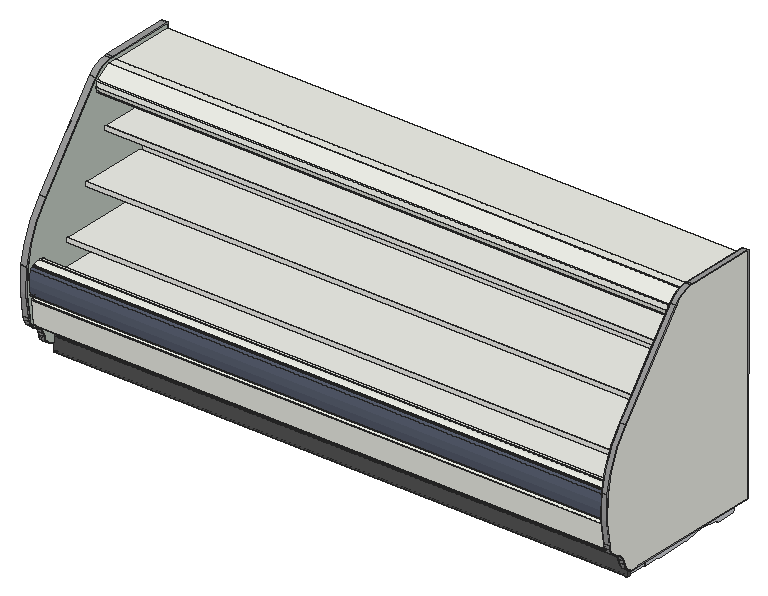
Revit family "IC2XSM_2014", category Specialty Equipment, Revit 2014 (continued)
Automatic sketch dimensions
  Extrusion 4 sketch curve to Extrusion 4 sketch curve = 9.63787"
  Extrusion 4 sketch curve to Extrusion 4 sketch curve = 0.23267"
  Extrusion 4 sketch curve to Extrusion 4 sketch curve = 1.04743"
  plane 3 "Top" to Extrusion 4 sketch curve = 0.10856"
  Extrusion 4 sketch curve to Extrusion 4 sketch curve = 1.17465"
  plane 3 "Top" to Extrusion 4 sketch curve = 0.12861"
  Extrusion 4 sketch curve to Extrusion 4 sketch curve = 0.06775"  (x2)
  plane 3 "Top" to Extrusion 4 sketch curve = 3.21379"
  Extrusion 4 sketch curve to Extrusion 4 sketch curve = 1.38553"
  Extrusion 4 sketch curve to Extrusion 4 sketch curve = 0.04394"
  Extrusion 4 sketch curve to Extrusion 4 sketch curve = 7.67951"
  Extrusion 4 sketch curve to Extrusion 4 sketch curve = 0.30279"
  Extrusion 4 sketch curve to Extrusion 4 sketch curve = 2.20547"
  Extrusion 4 sketch curve to Extrusion 4 sketch curve = 0.00336"
  plane 3 "Top" to Extrusion 4 sketch curve = 3.31247"
  Extrusion 4 sketch curve to Extrusion 4 sketch curve = 0.37315"
  plane 3 "Top" to Extrusion 4 sketch curve = 4.73454"
  Extrusion 4 sketch curve to Extrusion 4 sketch curve = 0.05548"
  plane 3 "Top" to Extrusion 4 sketch curve = 4.84948"
  Extrusion 4 sketch curve to Extrusion 4 sketch curve = 0.03653"
  Extrusion 4 sketch curve to Extrusion 4 sketch curve = 0.0855"  (x2)
  plane 3 "Top" to Extrusion 4 sketch curve = 3.76865"
  Extrusion 4 sketch curve to Extrusion 4 sketch curve = 0.24928"
  plane 3 "Top" to Extrusion 4 sketch curve = 5.04328"
  Extrusion 4 sketch curve to Extrusion 4 sketch curve = 0.20503"
  plane 3 "Top" to Extrusion 4 sketch curve = 5.06617"
  Extrusion 4 sketch curve to Extrusion 4 sketch curve = 0.05142"  (x2)
  Extrusion 4 sketch curve to Extrusion 4 sketch curve = 0.62294"
  Extrusion 4 sketch curve to Extrusion 4 sketch curve = 0.30253"
  plane 3 "Top" to Extrusion 4 sketch curve = 2.37382"
  plane 3 "Top" to Extrusion 4 sketch curve = 4.92891"
  plane 3 "Top" to Extrusion 4 sketch curve = 2.44919"
  Extrusion 4 sketch curve to Extrusion 4 sketch curve = 0.05328"
  plane 3 "Top" to Extrusion 4 sketch curve = 4.84608"
  Extrusion 4 sketch curve to Extrusion 4 sketch curve = 0.06924"
  Extrusion 4 sketch curve to Extrusion 4 sketch curve = 0.69167"
  plane 3 "Top" to Extrusion 4 sketch curve = 3.83425"
  Extrusion 4 sketch curve to Extrusion 4 sketch curve = 0.12066"
  plane 3 "Top" to Extrusion 4 sketch curve = 3.77469"
  Extrusion 4 sketch curve to Extrusion 4 sketch curve = 0.00036"
  level to Extrusion 4 sketch curve = 1.58082"
  Extrusion 4 sketch curve to Extrusion 4 sketch curve = 3.52792"
  Extrusion 4 sketch curve to plane 11 = 8.15832"
  Extrusion 4 sketch curve to Extrusion 4 sketch curve = 1.82053"
  plane 5 "Front" to Extrusion 4 sketch curve = 8.07405"
  Extrusion 4 sketch curve to Extrusion 4 sketch curve = 0.02089"
  Extrusion 4 sketch curve to Extrusion 4 sketch curve = 0.38322"
  Extrusion 4 sketch curve to Extrusion 4 sketch curve = 0.03165"
  plane 5 "Front" to Extrusion 4 sketch curve = 7.55869"
  Extrusion 4 sketch curve to Extrusion 4 sketch curve = 0.08402"
  Extrusion 4 sketch curve to Extrusion 4 sketch curve = 0.04408"
  level to Extrusion 4 sketch curve = 5.77883"
  Extrusion 4 sketch curve to Extrusion 4 sketch curve = 0.02361"  (x2)
  Extrusion 4 sketch curve to Extrusion 4 sketch curve = 0.98434"
  Extrusion 4 sketch curve to Extrusion 4 sketch curve = 0.99165"
  plane 5 "Front" to Extrusion 4 sketch curve = 5.54929"
  Extrusion 4 sketch curve to Extrusion 4 sketch curve = 0.20152"
  Extrusion 4 sketch curve to plane 11 = 2.18201"
  Extrusion 4 sketch curve to Extrusion 4 sketch curve = 0.17616"
  Extrusion 4 sketch curve to plane 11 = 2.14243"
  Extrusion 4 sketch curve to Extrusion 4 sketch curve = 0.02071"
  Extrusion 4 sketch curve to Extrusion 4 sketch curve = 0.07126"
  Extrusion 4 sketch curve to plane 11 = 1.22976"
  Extrusion 4 sketch curve to Extrusion 4 sketch curve = 0.93257"
  Extrusion 4 sketch curve to plane 11 = 1.20991"
  Extrusion 4 sketch curve to Extrusion 4 sketch curve = 0.04002"
  Extrusion 4 sketch curve to Extrusion 4 sketch curve = 0.05055"
  Extrusion 4 sketch curve to plane 11 = 1.07469"
  Extrusion 4 sketch curve to Extrusion 4 sketch curve = 0.91765"
  Extrusion 4 sketch curve to Extrusion 4 sketch curve = 0.01054"
  Extrusion 4 sketch curve to Extrusion 4 sketch curve = 0.12246"
  Extrusion 4 sketch curve to Extrusion 4 sketch curve = 2.56468"
  plane 5 "Front" to Extrusion 4 sketch curve = 1.57455"
  plane 5 "Front" to Extrusion 4 sketch curve = 1.51634"
  Extrusion 4 sketch curve to Extrusion 4 sketch curve = 0.02615"
  Extrusion 4 sketch curve to Extrusion 4 sketch curve = 0.14334"
  Extrusion 4 sketch curve to Extrusion 4 sketch curve = 0.04134"
  Extrusion 4 sketch curve to Extrusion 4 sketch curve = 0.18513"
  Extrusion 4 sketch curve to Extrusion 4 sketch curve = 0.0402"
  Extrusion 4 sketch curve to Extrusion 4 sketch curve = 0.04966"
  Extrusion 4 sketch curve to Extrusion 4 sketch curve = 0.05018"
  Extrusion 4 sketch curve to Extrusion 4 sketch curve = 0.10623"
  Extrusion 4 sketch curve to Extrusion 4 sketch curve = 0.03772"  (x2)
  Extrusion 4 sketch curve to Extrusion 4 sketch curve = 0.0342"  (x2)
  Extrusion 4 sketch curve to Extrusion 4 sketch curve = 0.51969"
  Extrusion 4 sketch curve to Extrusion 4 sketch curve = 0.00585"
  Extrusion 4 sketch curve to Extrusion 4 sketch curve = 3.16814"
  Extrusion 4 sketch curve to Extrusion 4 sketch curve = 0.0391"
  Extrusion 4 sketch curve to Extrusion 4 sketch curve = 4 133/256"
  Extrusion 4 sketch curve to Extrusion 4 sketch curve = 4.78106"
  Extrusion 4 sketch curve to Extrusion 4 sketch curve = 0.0444"
  Extrusion 4 sketch curve to Extrusion 4 sketch curve = 0.12659"
  Extrusion 4 sketch curve to Extrusion 4 sketch curve = 0.12566"
  Extrusion 4 sketch curve to Extrusion 4 sketch curve = 0.24791"
  Extrusion 4 sketch curve to Extrusion 4 sketch curve = 0.01567"
  Extrusion 4 sketch curve to Extrusion 4 sketch curve = 0.16362"
  Extrusion 4 sketch curve to Extrusion 4 sketch curve = 1.16999"
  Extrusion 4 sketch curve to Extrusion 4 sketch curve = 0.04984"
  Extrusion 4 sketch curve to Extrusion 4 sketch curve = 0.17029"
  Extrusion 4 sketch curve to Extrusion 4 sketch curve = 0.05865"
  Extrusion 4 sketch curve to plane 11 = 8.62041"
  Extrusion 4 sketch curve to Extrusion 4 sketch curve = 0.01586"
  Extrusion 4 sketch curve to Extrusion 4 sketch curve = 0.31287"
  Extrusion 4 sketch curve to Extrusion 4 sketch curve = 0.10097"
  Extrusion 4 sketch curve to Extrusion 4 sketch curve = 0.06198"
  Extrusion 4 sketch curve to Extrusion 4 sketch curve = 65/256"
  Extrusion 4 sketch curve to Extrusion 4 sketch curve = 0.0098"
  Extrusion 4 sketch curve to Extrusion 4 sketch curve = 0.03399"
  Extrusion 4 sketch curve to Extrusion 4 sketch curve = 0.19894"
  Extrusion 4 sketch curve to Extrusion 4 sketch curve = 0.7215"
  Extrusion 4 sketch curve to Extrusion 4 sketch curve = 0.43051"
  Extrusion 4 sketch curve to Extrusion 4 sketch curve = 0.49985"
  Extrusion 4 sketch curve to Extrusion 4 sketch curve = 0.46135"
  Extrusion 4 sketch curve to Extrusion 4 sketch curve = 1.99295"
  Extrusion 4 sketch curve to Extrusion 4 sketch curve = 1.03955"
  Extrusion 4 sketch curve to plane 11 = 2.00287"
  Extrusion 4 sketch curve to Extrusion 4 sketch curve = 0.38016"
  Extrusion 4 sketch curve to Extrusion 4 sketch curve = 0.06436"
  Extrusion 4 sketch curve to Extrusion 4 sketch curve = 0.0073"
  Extrusion 4 sketch curve to Extrusion 4 sketch curve = 0.0715"
  Extrusion 4 sketch curve to Extrusion 4 sketch curve = 0.02093"
  Extrusion 4 sketch curve to Extrusion 4 sketch curve = 0.04001"
  Extrusion 4 sketch curve to Extrusion 4 sketch curve = 0.63251"
  level to Extrusion 4 sketch curve = 5.51819"
  Extrusion 4 sketch curve to Extrusion 4 sketch curve = 0.02509"
  Extrusion 4 sketch curve to Extrusion 4 sketch curve = 0.16483"
  Extrusion 4 sketch curve to Extrusion 4 sketch curve = 0.0003"
  Extrusion 4 sketch curve to Extrusion 4 sketch curve = 0.05122"
  Extrusion 4 sketch curve to Extrusion 4 sketch curve = 0.00175"
  Extrusion 4 sketch curve to Extrusion 4 sketch curve = 0.00443"
  Extrusion 4 sketch curve to Extrusion 4 sketch curve = 0.06223"
  Extrusion 4 sketch curve to Extrusion 4 sketch curve = 0.044"
  Extrusion 4 sketch curve to Extrusion 4 sketch curve = 0"
  Extrusion 4 sketch curve to Extrusion 4 sketch curve = 0.01348"
  Extrusion 4 sketch curve to Extrusion 4 sketch curve = 0.02382"
  Extrusion 4 sketch curve to Extrusion 4 sketch curve = 0.84264"
  level to Extrusion 4 sketch curve = 5.56503"
  plane 5 "Front" to Extrusion 5 sketch curve = 1.12841"
  Extrusion 5 sketch curve to Extrusion 5 sketch curve = 0.11317"
  Extrusion 5 sketch curve to Extrusion 5 sketch curve = 0.25438"
  plane 5 "Front" to Extrusion 5 sketch curve = 1.38279"
  Extrusion 5 sketch curve to Extrusion 5 sketch curve = 0.0429"
  Extrusion 5 sketch curve to Extrusion 5 sketch curve = 0.04665"
  Extrusion 5 sketch curve to Extrusion 5 sketch curve = 0.19176"
  Extrusion 5 sketch curve to Extrusion 5 sketch curve = 7.89549"
  Extrusion 5 sketch curve to plane 11 = 8.24238"
  Extrusion 5 sketch curve to Extrusion 5 sketch curve = 0.07633"
  Extrusion 5 sketch curve to Extrusion 5 sketch curve = 0.49366"
  Extrusion 5 sketch curve to Extrusion 5 sketch curve = 0.39156"
  Extrusion 5 sketch curve to Extrusion 5 sketch curve = 0.11753"
  Extrusion 5 sketch curve to plane 11 = 4.98487"
  Extrusion 5 sketch curve to plane 11 = 2.71809"
  Extrusion 5 sketch curve to Extrusion 5 sketch curve = 0.10551"
  Extrusion 5 sketch curve to Extrusion 5 sketch curve = 0"  (x2)
  Extrusion 5 sketch curve to Extrusion 5 sketch curve = 0.55484"
  plane 5 "Front" to Extrusion 5 sketch curve = 0.51188"  (x2)
  Extrusion 5 sketch curve to Extrusion 5 sketch curve = 0.3295"
  Extrusion 5 sketch curve to Extrusion 5 sketch curve = 0.38016"
  Extrusion 6 sketch curve to Extrusion 6 sketch curve = 0.07165"
  plane 5 "Front" to Extrusion 6 sketch curve = 8.05671"
  plane 5 "Front" to Extrusion 15 sketch curve = 7.52039"
  level to Extrusion 15 sketch curve = 5.1115"
  Extrusion 15 sketch curve to Extrusion 15 sketch curve = 0.02488"
  Extrusion 15 sketch curve to Extrusion 15 sketch curve = 0.03483"  (x2)
  Extrusion 15 sketch curve to Extrusion 15 sketch curve = 0.01493"  (x2)
  level to Extrusion 15 sketch curve = 4.56974"
  Extrusion 15 sketch curve to Extrusion 15 sketch curve = 0.00995"
  Extrusion 15 sketch curve to Extrusion 15 sketch curve = 0.00862"  (x2)
  Extrusion 15 sketch curve to Extrusion 15 sketch curve = 0.6549"
  Extrusion 15 sketch curve to Extrusion 15 sketch curve = 0.98313"
  level to Extrusion 15 sketch curve = 2.14108"
Nested families (in)
  nested 1: "Shelf" at (0, -7.8816, 19.25), visible <- "Shelf", type "Bottom Shelf"
    with Width 144 1/2", Depth 24"
  nested 2: "Shelf" at (0, -7.8816, 39.25), visible <- "Shelf", type "Top Shelf"
    with Width 144 1/2", Depth 12"
  nested 3: "Light" at (-5.05699, -22.27359, -28.75), visible <- "Shelf Lights", type "Light"
    with Length 144 1/2"
  nested 4: "Floor Support-Side Skid-IC2XSL" at (-79.33203, 0, 0), type "Floor Support-Side Skid"
  nested 5: "Floor Support-Skid-IC2XSL" at (-7.08203, 0, 0), visible <- "8 Case", type "Floor Support-Skid"
  nested 6: "Floor Support-Side Skid-IC2XSL" at (69.21806, 0, 0) x (-1, 0, 0) z (0, 0, 1), type "Floor Support-Side Skid"
  nested 7: "Floor Support-Skid-IC2XSL" at (-31.08203, 0, 0), visible <- "12 Case", type "Floor Support-Skid"
  nested 8: "Floor Support-Skid-IC2XSL" at (20.96806, 0, 0) x (-1, 0, 0) z (0, 0, 1), visible <- "12 Case", type "Floor Support-Skid"
  nested 9: "Floor Support-Skid-IC2XSL" at (-7.08203, 0, 0), visible <- "6 Case", type "Floor Support-Skid"
  nested 10: "Light" at (-5.05699, -10.27359, -8.75), visible <- "Shelf Lights", type "Light"
    with Length 144 1/2"
  nested 11: "Light" at (-5.05699, -11.2438, 0.8052), type "Light"
    with Length 144 1/2"
  nested 12: "Shelf" at (0, -7.8816, 29.25), visible <- "Shelf", type "Middle Shelf"
    with Width 144 1/2", Depth 18"
  nested 13: "Light" at (-5.05699, -16.27359, -18.75), visible <- "Shelf Lights", type "Light"
    with Length 144 1/2"
Connectors (in)
  piping at (-4.80699, -33.5, 0), diameter 1.25, driven by "Waste Drain"
    settings: on Extrusion 1, index 8, connector inside diameter 1 1/4", connector length 0", flow factor 0, pipe flow 0 GPM, pressure drop 0.00 psi, fitting loss kfactor 0, connector angle 0.00°, fixture units 0, engagement length 0", angle of deflection 0.00°, flow configuration 0, flow direction 0, fitting loss method 0, system type 16, joint type 0, gender type 0, connector reference index -1, connector utility 0, adjustable connector no, is connector primary yes, connector description "1 1/4\""
  piping at (58.25551, -28.75, 0), diameter 0.875, driven by "Refrig. Suction", driven by "Refrigeration Lines Suction"
    settings: on Extrusion 2, index 9, connector inside diameter 7/8", connector length 0", flow factor 0, pipe flow 0 GPM, pressure drop 0.00 psi, fitting loss kfactor 0, connector angle 0.00°, fixture units 0, engagement length 0", angle of deflection 0.00°, flow configuration 0, flow direction 2, fitting loss method 0, system type 22, joint type 0, gender type 0, connector reference index -1, connector utility 0, adjustable connector no, is connector primary no, connector description "Suction"
  piping at (58.88051, -28.75, 0), diameter 0.375, driven by "Refrig. Liquid", driven by "Refrigeration Lines Liquid"
    settings: on Extrusion 3, index 10, connector inside diameter 3/8", connector length 0", flow factor 0, pipe flow 0 GPM, pressure drop 0.00 psi, fitting loss kfactor 0, connector angle 0.00°, fixture units 0, engagement length 0", angle of deflection 0.00°, flow configuration 0, flow direction 1, fitting loss method 0, system type 22, joint type 0, gender type 0, connector reference index -1, connector utility 0, adjustable connector no, is connector primary no, connector description "Liquid"
Definition of nested family "Shelf"
  Parameters (values of type "Shelf")
    Width = 24"
    URL = "www.hussmann.com"
    Type Comments = "Shelf"
    Shelves = Sheet Metal (Steel Painted) - 700 Interior White
    Model = ""
    Manufacturer = "Hussmann Corporation"
    Height = 5"
    Description = ""
    Depth = 20"
    Assembly Code = ""
    Accessories/Options = ""
  Reference planes (in)
    plane 1 "Back": y = 0
    plane 2 "Bottom": z = 0
    plane 3 "Left": x = -77.30699
    plane 4 "Right": x = -53.30699
    plane 5 "Front": y = -20
    plane 6 "Center (Left/Right)": x = -65.30699
    plane 7: z = 5
  Forms (in)
    Extrusion 1, solid, material "Sheet Metal (Steel Painted) - 700 Interior White" <- "Shelves"
      sketch origin (-77.30699, 7.75, -64.26162) x (0, 1, 0) y (0, 0, 1)
        loop
          line (-7.75, 64.26162) -> (-7.75, 68.01162) -> (-8.5, 68.01162) -> (-8.5, 69.01162) -> (-27.5, 69.01162) -> (-27.5, 69.26162) -> (-27.75, 69.26162) -> (-27.75, 68.26162) -> (-27.5, 68.26162) -> (-27.5, 68.76162) -> (-26, 68.76162) -> (-26, 68.51162) -> (-13.81963, 68.51162) -> (-7.75, 64.26162)
      from 0 to 24
  Dimensions and locks (in)
    "Width": plane 4 "Right" to plane 3 "Left"
    equal spacing: plane 4 "Right", plane 6 "Center (Left/Right)", plane 3 "Left"
    "Depth": plane 1 "Back" to plane 5 "Front"
    "Height": level to plane 7
    aligned and locked: Extrusion 1 to plane 3 "Left"
    aligned and locked: plane 4 "Right" to Extrusion 1
  Automatic sketch dimensions
    Extrusion 1 sketch curve to plane 5 "Front" = 0"
    Extrusion 1 sketch curve to plane 1 "Back" = 0"
    plane 5 "Front" to Extrusion 1 sketch curve = 1/4"  (x2)
    Extrusion 1 sketch curve to Extrusion 1 sketch curve = 1 1/2"
    plane 1 "Back" to Extrusion 1 sketch curve = 6.06963"
    plane 1 "Back" to Extrusion 1 sketch curve = 3/4"
    Extrusion 1 sketch curve to Extrusion 1 sketch curve = 3 3/4"
    Extrusion 1 sketch curve to Extrusion 1 sketch curve = 1/2"  (x2)
    Extrusion 1 sketch curve to Extrusion 1 sketch curve = 1"
    Extrusion 1 sketch curve to Extrusion 1 sketch curve = 1/4"
    Extrusion 1 sketch curve to Extrusion 1 sketch curve = 3/4"
    Extrusion 1 sketch curve to level = 0"
Definition of nested family "Floor Support-Side Skid-IC2XSL"
  Parameters (values of type "Floor Support-Skid")
    Width = 8 69/128"
    URL = "www.hussmann.com"
    Type Comments = ""
    Revit Family Date = "11/19/2015"  # constant formula
    Model = ""
    Manufacturer = "Hussmann Corporation"
    Height = 10.26407"
    Floor Support = none
    Description = ""
    Depth = 35.02835"
    Assembly Code = ""
    Accessories/Options = ""
  Reference planes (in)
    plane 1 "Back": y = 0
    plane 2 "Bottom": z = 0
    plane 3 "Top": z = 10.26407
    plane 4 "Right": x = 6.29458
    plane 5 "Front": y = -35.02835
    plane 6 "Center (Left/Right)": x = 2.02504
  Forms (in)
    Extrusion 1, solid
      sketch origin (0, 0, 0) x (1, 0, 0) y (0, 1, 0)
        loop
          line (6.2427, -0.35106) -> (5.61346, -0.35106)
          spline (5.61346, -0.35106) -> (5.60467, -0.35154) -> (5.59595, -0.35077) -> (5.58749, -0.34877) -> (5.57945, -0.3456) -> (5.572, -0.3413) -> (5.56527, -0.33596) -> (5.5594, -0.32969) -> (5.55452, -0.32262) -> (5.55071, -0.31489) -> (5.54806, -0.30664) -> (5.54661, -0.29805) -> (5.5464, -0.28928)
          line (5.5464, -0.28928) -> (5.5511, -0.1881)
          spline (5.5511, -0.1881) -> (5.55064, -0.16354) -> (5.54698, -0.1394) -> (5.54017, -0.1161) -> (5.53035, -0.09404) -> (5.51767, -0.07358) -> (5.50235, -0.05508) -> (5.48466, -0.03886) -> (5.4649, -0.02519) -> (5.44339, -0.01431) -> (5.42052, -0.00641) -> (5.39668, -0.00161) -> (5.37226, 0)
          line (5.37226, 0) -> (2.02504, 0) -> (2.02504, -30.00158) -> (2.4234, -30.00158) -> (2.4234, -34.87231) -> (2.57945, -34.87231) -> (2.57945, -35.02528) -> (4.66388, -35.02528) -> (4.66388, -34.87231) -> (4.81992, -34.87231) -> (4.81992, -29.95052)
          arc (4.81992, -29.95052) -> (5.61912, -29.41396) -> (5.92788, -28.5022) r 1.5006
          line (5.92788, -28.5022) -> (5.92843, -23.36772)
          spline (5.92843, -23.36772) -> (5.93056, -23.33509) -> (5.93693, -23.30304) -> (5.94743, -23.27209) -> (5.96187, -23.24279) -> (5.98001, -23.21563) -> (6.00154, -23.19108) -> (6.02609, -23.16955) -> (6.05325, -23.15141) -> (6.08256, -23.13697) -> (6.1135, -23.12647) -> (6.14556, -23.1201) -> (6.17818, -23.11797)
          line (6.17818, -23.11797) -> (7.49155, -23.11797)
          spline (7.49155, -23.11797) -> (7.55681, -23.1137) -> (7.62092, -23.10096) -> (7.68281, -23.07997) -> (7.74141, -23.05109) -> (7.79573, -23.01481) -> (7.84484, -22.97175) -> (7.8879, -22.92264) -> (7.92418, -22.86832) -> (7.95307, -22.80972) -> (7.97405, -22.74783) -> (7.98679, -22.68371) -> (7.99106, -22.61846)
          line (7.99106, -22.61846) -> (7.99106, -21.6167)
          spline (7.99106, -21.6167) -> (7.98679, -21.55145) -> (7.97405, -21.48733) -> (7.95307, -21.42544) -> (7.92418, -21.36684) -> (7.8879, -21.31252) -> (7.84484, -21.26341) -> (7.79573, -21.22035) -> (7.74141, -21.18407) -> (7.68281, -21.15519) -> (7.62092, -21.1342) -> (7.55681, -21.12146) -> (7.49155, -21.11719)
          line (7.49155, -21.11719) -> (6.17818, -21.11719)
          spline (6.17818, -21.11719) -> (6.14556, -21.11506) -> (6.1135, -21.10869) -> (6.08256, -21.09819) -> (6.05325, -21.08375) -> (6.02609, -21.06561) -> (6.00154, -21.04408) -> (5.98001, -21.01953) -> (5.96187, -20.99237) -> (5.94743, -20.96307) -> (5.93693, -20.93212) -> (5.93056, -20.90006) -> (5.92843, -20.86744)
          line (5.92843, -20.86744) -> (5.92843, -10.79985)
          spline (5.92843, -10.79985) -> (5.93056, -10.76722) -> (5.93693, -10.73516) -> (5.94743, -10.70422) -> (5.96187, -10.67492) -> (5.98001, -10.64776) -> (6.00154, -10.6232) -> (6.02609, -10.60167) -> (6.05325, -10.58353) -> (6.08256, -10.56909) -> (6.1135, -10.5586) -> (6.14556, -10.55223) -> (6.17818, -10.55009)
          line (6.17818, -10.55009) -> (7.49155, -10.55009)
          spline (7.49155, -10.55009) -> (7.55681, -10.54582) -> (7.62092, -10.53308) -> (7.68281, -10.5121) -> (7.74141, -10.48322) -> (7.79573, -10.44693) -> (7.84484, -10.40387) -> (7.8879, -10.35476) -> (7.92418, -10.30044) -> (7.95307, -10.24184) -> (7.97405, -10.17995) -> (7.98679, -10.11584) -> (7.99106, -10.05058)
          line (7.99106, -10.05058) -> (7.99106, -9.04882)
          spline (7.99106, -9.04882) -> (7.98679, -8.98357) -> (7.97405, -8.91946) -> (7.95307, -8.85757) -> (7.92418, -8.79896) -> (7.8879, -8.74465) -> (7.84484, -8.69554) -> (7.79573, -8.65247) -> (7.74141, -8.61619) -> (7.68281, -8.58731) -> (7.62092, -8.56632) -> (7.55681, -8.55359) -> (7.49155, -8.54932)
          line (7.49155, -8.54932) -> (6.18249, -8.54932)
          arc (6.18249, -8.54932) -> (6.0282, -8.49852) -> (5.93426, -8.36599) r 0.25973
          line (5.93426, -8.36599) -> (6.30377, -0.41601)
          spline (6.30377, -0.41601) -> (6.30361, -0.4077) -> (6.30234, -0.3995) -> (6.29999, -0.39156) -> (6.29661, -0.38402) -> (6.29225, -0.37701) -> (6.28699, -0.37067) -> (6.28093, -0.36509) -> (6.27417, -0.36039) -> (6.26683, -0.35664) -> (6.25905, -0.35392) -> (6.25096, -0.35226) -> (6.2427, -0.35106)
      from 0 to 10.26407
    Extrusion 2, void
      sketch origin (2.02504, 0, 0) x (0, 1, 0) y (0, 0, 1)
        loop
          line (-29.18397, 5.56503) -> (-8.50716, 5.56503) -> (0, 10.08456) -> (0, 10.26407) -> (-35.02528, 10.26407) -> (-35.02528, 1.08698) -> (-27.78996, 2.76906) -> (-26.7357, 2.76906) -> (-26.85079, 4.08456)
          arc (-26.85079, 4.08456) -> (-26.88112, 4.17154) -> (-26.94923, 4.23357) r 0.18744
          line (-26.94923, 4.23357) -> (-29.18397, 5.42681) -> (-29.18397, 5.56503)
      from -12.58447 to 12.58363
    Extrusion 3, void
      sketch origin (2.02504, 0, 0) x (0, 1, 0) y (0, 0, 1)
        loop
          line (-2.69879, 0) -> (0, 0) -> (0, 6.29404) -> (-2.26929, 4.02442)
          arc (-2.26929, 4.02442) -> (-2.30939, 3.96496) -> (-2.3243, 3.89481) r 0.18794
          line (-2.3243, 3.89481) -> (-2.32858, 3.6497) -> (-2.33112, 3.50443) -> (-2.33533, 3.26291) -> (-2.33949, 3.02455) -> (-2.38694, 0.30646)
          arc (-2.38694, 0.30646) -> (-2.48018, 0.08944) -> (-2.69879, 0) r 0.3119
      from -12.58447 to 12.58363
    Extrusion 4, void
      sketch origin (2.02504, 0, 0) x (0, 1, 0) y (0, 0, 1)
        loop
          line (-17.28342, 0) -> (-7.07945, 0)
          arc (-7.07945, 0) -> (-7.199, 0.02378) -> (-7.30035, 0.0915) r 0.3124
          line (-7.30035, 0.0915) -> (-7.41444, 0.20559)
          arc (-7.41444, 0.20559) -> (-7.45626, 0.23672) -> (-7.50525, 0.25454) r 0.17979
          arc (-7.50525, 0.25454) -> (-12.18143, 0.73178) -> (-16.85761, 0.25454) r 23.14851
          arc (-16.85761, 0.25454) -> (-16.90661, 0.23672) -> (-16.94843, 0.20559) r 0.17979
          line (-16.94843, 0.20559) -> (-17.06252, 0.0915)
          arc (-17.06252, 0.0915) -> (-17.16387, 0.02378) -> (-17.28342, 0) r 0.3124
      from -12.58447 to 12.58363
    Extrusion 5, void
      sketch origin (2.02504, 0, 0) x (0, 1, 0) y (0, 0, 1)
        loop
          line (-26.93283, 0.16782) -> (-26.93283, 0) -> (-25.52532, 0)
          arc (-25.52532, 0) -> (-25.68723, 0.04523) -> (-25.80225, 0.16782) r 0.3124
          line (-25.80225, 0.16782) -> (-26.93283, 0.16782)
      from -12.58447 to 12.58363
  Cuts and joins
    Extrusion 2, Extrusion 3, Extrusion 4, Extrusion 5 cuts Extrusion 1
  Dimensions and locks (in)
    plane 6 "Center (Left/Right)" to plane 4 "Right" = 4 69/256"
    "Depth": plane 5 "Front" to plane 1 "Back"
    "Height": plane 3 "Top" to level
    aligned and locked: Extrusion 1 to plane 3 "Top"
    aligned and locked: Extrusion 1 to level
  Automatic sketch dimensions
    plane 3 "Top" to Extrusion 2 sketch curve = 0"
    Extrusion 2 sketch curve to plane 1 "Back" = 0"
    plane 1 "Back" to Extrusion 2 sketch curve = 8.50716"
    level to Extrusion 2 sketch curve = 4.08456"
    plane 5 "Front" to Extrusion 2 sketch curve = 8.17757"
    level to Extrusion 2 sketch curve = 4.23357"
    Extrusion 2 sketch curve to Extrusion 2 sketch curve = 0.09844"
    Extrusion 2 sketch curve to Extrusion 2 sketch curve = 0.08829"
    level to Extrusion 2 sketch curve = 2.76906"
    Extrusion 2 sketch curve to Extrusion 2 sketch curve = 0.75244"
    Extrusion 2 sketch curve to Extrusion 2 sketch curve = 0.17952"
    Extrusion 2 sketch curve to Extrusion 2 sketch curve = 0.11509"
    Extrusion 2 sketch curve to Extrusion 2 sketch curve = 2.23474"
    level to Extrusion 2 sketch curve = 1.08698"
    Extrusion 2 sketch curve to Extrusion 2 sketch curve = 1.19324"
    Extrusion 2 sketch curve to Extrusion 2 sketch curve = 0.13822"
    plane 5 "Front" to Extrusion 2 sketch curve = 0.00307"
    plane 1 "Back" to Extrusion 3 sketch curve = 2.69879"
    Extrusion 3 sketch curve to Extrusion 3 sketch curve = 0.31186"
    level to Extrusion 3 sketch curve = 3.02455"
    plane 1 "Back" to Extrusion 3 sketch curve = 2.33949"
    level to Extrusion 3 sketch curve = 3.26291"
    Extrusion 3 sketch curve to Extrusion 3 sketch curve = 0.00416"
    level to Extrusion 3 sketch curve = 3.50443"
    Extrusion 3 sketch curve to Extrusion 3 sketch curve = 0.00422"
    level to Extrusion 3 sketch curve = 3.6497"
    Extrusion 3 sketch curve to Extrusion 3 sketch curve = 0.00254"
    level to Extrusion 3 sketch curve = 3.89481"
    Extrusion 3 sketch curve to Extrusion 3 sketch curve = 0.00428"
    Extrusion 3 sketch curve to Extrusion 3 sketch curve = 0.05501"
    Extrusion 3 sketch curve to Extrusion 3 sketch curve = 0.18791"
    Extrusion 3 sketch curve to plane 1 "Back" = 0"
    Extrusion 3 sketch curve to level = 0"
    Extrusion 3 sketch curve to Extrusion 3 sketch curve = 0.30646"
    Extrusion 3 sketch curve to Extrusion 3 sketch curve = 0.3119"
    Extrusion 3 sketch curve to Extrusion 3 sketch curve = 0.00328"
    level to Extrusion 3 sketch curve = 6.29404"
    Extrusion 3 sketch curve to Extrusion 3 sketch curve = 0"
    Extrusion 4 sketch curve to Extrusion 4 sketch curve = 0.2209"  (x2)
    Extrusion 4 sketch curve to Extrusion 4 sketch curve = 0.11409"  (x4)
    Extrusion 4 sketch curve to Extrusion 4 sketch curve = 0.12713"  (x4)
    plane 5 "Front" to Extrusion 4 sketch curve = 22.84692"
    Extrusion 4 sketch curve to Extrusion 4 sketch curve = 9.27972"
    level to Extrusion 4 sketch curve = 0.3124"
    Extrusion 4 sketch curve to Extrusion 4 sketch curve = 0.10681"  (x2)
    Extrusion 4 sketch curve to Extrusion 4 sketch curve = 22.49519"
    Extrusion 4 sketch curve to Extrusion 4 sketch curve = 0"  (x4)
    Extrusion 4 sketch curve to level = 0"
    plane 1 "Back" to Extrusion 4 sketch curve = 16.82129"
    plane 5 "Front" to Extrusion 5 sketch curve = 8.09553"
    Extrusion 5 sketch curve to Extrusion 5 sketch curve = 1.13057"
    Extrusion 5 sketch curve to Extrusion 5 sketch curve = 0.27693"
    Extrusion 5 sketch curve to level = 0"
    Extrusion 5 sketch curve to Extrusion 5 sketch curve = 0.16782"
    Extrusion 5 sketch curve to Extrusion 5 sketch curve = 0.3124"
    Extrusion 5 sketch curve to Extrusion 5 sketch curve = 0"
    Extrusion 1 sketch curve to plane 6 "Center (Left/Right)" = 0"
    plane 1 "Back" to Extrusion 1 sketch curve = 0"
    Extrusion 1 sketch curve to Extrusion 1 sketch curve = 0.39836"
    Extrusion 1 sketch curve to Extrusion 1 sketch curve = 0.15604"  (x2)
    Extrusion 1 sketch curve to plane 4 "Right" = 1.8673"
    plane 5 "Front" to Extrusion 1 sketch curve = 0.15604"  (x2)
    Extrusion 1 sketch curve to plane 4 "Right" = 1.6307"
    Extrusion 1 sketch curve to plane 4 "Right" = 0.92232"
    plane 1 "Back" to Extrusion 1 sketch curve = 0.28928"
    Extrusion 1 sketch curve to Extrusion 1 sketch curve = 0.17414"
    plane 1 "Back" to Extrusion 1 sketch curve = 0.1881"
    Extrusion 1 sketch curve to Extrusion 1 sketch curve = 0.0047"
    Extrusion 1 sketch curve to Extrusion 1 sketch curve = 0.06706"
    Extrusion 1 sketch curve to plane 4 "Right" = 0.36615"  (x2)
    Extrusion 1 sketch curve to plane 4 "Right" = 0.11639"  (x3)
    Extrusion 1 sketch curve to plane 4 "Right" = 0.11208"
    plane 4 "Right" to Extrusion 1 sketch curve = 0.0092"
    plane 4 "Right" to Extrusion 1 sketch curve = 1.19698"  (x4)
    Extrusion 1 sketch curve to Extrusion 1 sketch curve = 0.49951"  (x6)
    plane 5 "Front" to Extrusion 1 sketch curve = 0.00307"
    Extrusion 1 sketch curve to Extrusion 1 sketch curve = 4.87073"
    Extrusion 1 sketch curve to Extrusion 1 sketch curve = 0.05106"
    Extrusion 1 sketch curve to Extrusion 1 sketch curve = 1.44832"
    Extrusion 1 sketch curve to Extrusion 1 sketch curve = 5.13448"
    Extrusion 1 sketch curve to Extrusion 1 sketch curve = 0.24975"  (x3)
    Extrusion 1 sketch curve to Extrusion 1 sketch curve = 1.00176"  (x2)
    Extrusion 1 sketch curve to Extrusion 1 sketch curve = 10.06759"
    Extrusion 1 sketch curve to Extrusion 1 sketch curve = 0.25973"
    plane 1 "Back" to Extrusion 1 sketch curve = 0.41601"
    Extrusion 1 sketch curve to Extrusion 1 sketch curve = 0.06179"
    Extrusion 1 sketch curve to Extrusion 1 sketch curve = 0.31696"
    Extrusion 1 sketch curve to Extrusion 1 sketch curve = 0.1878"
    Extrusion 1 sketch curve to Extrusion 1 sketch curve = 0.00479"
    Extrusion 1 sketch curve to Extrusion 1 sketch curve = 0.04521"
    Extrusion 1 sketch curve to Extrusion 1 sketch curve = 0.24823"
    Extrusion 1 sketch curve to plane 4 "Right" = 0.11571"  (x3)
    Extrusion 1 sketch curve to plane 4 "Right" = 0.09056"
    Extrusion 1 sketch curve to plane 4 "Right" = 0.05279"
    Extrusion 1 sketch curve to plane 4 "Right" = 0.05187"
    Extrusion 1 sketch curve to Extrusion 1 sketch curve = 0"  (x4)
    plane 4 "Right" to Extrusion 1 sketch curve = 0.06162"  (x3)
    plane 4 "Right" to Extrusion 1 sketch curve = 0.84094"  (x2)
    Extrusion 1 sketch curve to Extrusion 1 sketch curve = 0.00137"  (x3)
    Extrusion 1 sketch curve to Extrusion 1 sketch curve = 0.50088"
    Extrusion 1 sketch curve to Extrusion 1 sketch curve = 0.04801"
Definition of nested family "Floor Support-Skid-IC2XSL"
  Parameters (values of type "Floor Support-Skid")
    Width = 8 69/128"
    URL = "www.hussmann.com"
    Type Comments = ""
    Revit Family Date = "11/19/2015"  # constant formula
    Model = ""
    Manufacturer = "Hussmann Corporation"
    Height = 10.26407"
    Floor Support = none
    Description = ""
    Depth = 35.02835"
    Assembly Code = ""
    Accessories/Options = ""
  Reference planes (in)
    plane 1 "Back": y = 0
    plane 2 "Bottom": z = 0
    plane 3 "Top": z = 10.26407
    plane 4 "Left": x = -2.24449
    plane 5 "Right": x = 6.29458
    plane 6 "Front": y = -35.02835
    plane 7 "Center (Left/Right)": x = 2.02504
  Forms (in)
    Extrusion 1, solid
      sketch origin (0, 0, 0) x (1, 0, 0) y (0, 1, 0)
        loop
          spline (-1.32217, 0) -> (-1.34659, -0.00161) -> (-1.37043, -0.00641) -> (-1.3933, -0.01431) -> (-1.41481, -0.02519) -> (-1.43457, -0.03886) -> (-1.45226, -0.05508) -> (-1.46758, -0.07358) -> (-1.48026, -0.09404) -> (-1.49008, -0.1161) -> (-1.49689, -0.1394) -> (-1.50055, -0.16354) -> (-1.50101, -0.1881)
          line (-1.50101, -0.1881) -> (-1.49631, -0.28928)
          spline (-1.49631, -0.28928) -> (-1.49647, -0.29741) -> (-1.49768, -0.3054) -> (-1.49994, -0.31311) -> (-1.5032, -0.32041) -> (-1.5074, -0.32719) -> (-1.51248, -0.33331) -> (-1.51835, -0.33868) -> (-1.52491, -0.3432) -> (-1.53204, -0.34681) -> (-1.53962, -0.34942) -> (-1.54753, -0.35101) -> (-1.55563, -0.35155)
          line (-1.55563, -0.35155) -> (-2.17664, -0.35155)
          spline (-2.17664, -0.35155) -> (-2.18544, -0.35107) -> (-2.19415, -0.35184) -> (-2.20261, -0.35384) -> (-2.21065, -0.35701) -> (-2.21811, -0.36131) -> (-2.22484, -0.36665) -> (-2.2307, -0.37292) -> (-2.23558, -0.37999) -> (-2.23939, -0.38772) -> (-2.24204, -0.39597) -> (-2.24349, -0.40456) -> (-2.2437, -0.41333)
          line (-2.2437, -0.41333) -> (-1.86829, -8.49024) -> (-1.86829, -28.85762)
          arc (-1.86829, -28.85762) -> (-1.78569, -29.25643) -> (-1.55249, -29.59033) r 1.01143
          arc (-1.55249, -29.59033) -> (-1.07593, -29.89498) -> (-0.52044, -30.00158) r 1.50058
          line (-0.52044, -30.00158) -> (0.82679, -30.00158) -> (0.82679, -34.87231) -> (0.98283, -34.87231) -> (0.98283, -35.02528) -> (3.06726, -35.02528) -> (3.06726, -34.87231) -> (3.2233, -34.87231) -> (3.2233, -30.00158) -> (4.57053, -30.00158)
          arc (4.57053, -30.00158) -> (5.12602, -29.89498) -> (5.60258, -29.59033) r 1.50058
          arc (5.60258, -29.59033) -> (5.83578, -29.25643) -> (5.91838, -28.85762) r 1.01143
          line (5.91838, -28.85762) -> (5.91838, -8.49024) -> (6.29379, -0.41333)
          spline (6.29379, -0.41333) -> (6.29364, -0.4052) -> (6.29242, -0.39721) -> (6.29016, -0.3895) -> (6.28691, -0.3822) -> (6.2827, -0.37542) -> (6.27762, -0.3693) -> (6.27175, -0.36393) -> (6.2652, -0.35941) -> (6.25806, -0.3558) -> (6.25048, -0.35319) -> (6.24257, -0.3516) -> (6.23447, -0.35106)
          line (6.23447, -0.35106) -> (5.61346, -0.35106)
          spline (5.61346, -0.35106) -> (5.60467, -0.35154) -> (5.59595, -0.35077) -> (5.58749, -0.34877) -> (5.57945, -0.3456) -> (5.572, -0.3413) -> (5.56527, -0.33596) -> (5.5594, -0.32969) -> (5.55452, -0.32262) -> (5.55071, -0.31489) -> (5.54806, -0.30664) -> (5.54661, -0.29805) -> (5.5464, -0.28928)
          line (5.5464, -0.28928) -> (5.5511, -0.1881)
          spline (5.5511, -0.1881) -> (5.55064, -0.16354) -> (5.54698, -0.1394) -> (5.54017, -0.1161) -> (5.53035, -0.09404) -> (5.51767, -0.07358) -> (5.50235, -0.05508) -> (5.48466, -0.03886) -> (5.4649, -0.02519) -> (5.44339, -0.01431) -> (5.42052, -0.00641) -> (5.39668, -0.00161) -> (5.37226, 0)
          line (5.37226, 0) -> (-1.32217, 0)
      from 0 to 10.26407
    Extrusion 2, void
      sketch origin (2.02504, 0, 0) x (0, 1, 0) y (0, 0, 1)
        loop
          line (-29.18397, 5.56503) -> (-8.50716, 5.56503) -> (0, 10.08456) -> (0, 10.26407) -> (-35.02528, 10.26407) -> (-35.02528, 1.08698) -> (-27.78996, 2.76906) -> (-26.7357, 2.76906) -> (-26.85079, 4.08456)
          arc (-26.85079, 4.08456) -> (-26.88112, 4.17154) -> (-26.94923, 4.23357) r 0.18744
          line (-26.94923, 4.23357) -> (-29.18397, 5.42681) -> (-29.18397, 5.56503)
      from -12.58447 to 12.58363
    Extrusion 3, void
      sketch origin (2.02504, 0, 0) x (0, 1, 0) y (0, 0, 1)
        loop
          line (-2.69879, 0) -> (0, 0) -> (0, 6.29404) -> (-2.26929, 4.02442)
          arc (-2.26929, 4.02442) -> (-2.30939, 3.96496) -> (-2.3243, 3.89481) r 0.18794
          line (-2.3243, 3.89481) -> (-2.32858, 3.6497) -> (-2.33112, 3.50443) -> (-2.33533, 3.26291) -> (-2.33949, 3.02455) -> (-2.38694, 0.30646)
          arc (-2.38694, 0.30646) -> (-2.48018, 0.08944) -> (-2.69879, 0) r 0.3119
      from -12.58447 to 12.58363
    Extrusion 4, void
      sketch origin (2.02504, 0, 0) x (0, 1, 0) y (0, 0, 1)
        loop
          line (-17.28342, 0) -> (-7.07945, 0)
          arc (-7.07945, 0) -> (-7.199, 0.02378) -> (-7.30035, 0.0915) r 0.3124
          line (-7.30035, 0.0915) -> (-7.41444, 0.20559)
          arc (-7.41444, 0.20559) -> (-7.45626, 0.23672) -> (-7.50525, 0.25454) r 0.17979
          arc (-7.50525, 0.25454) -> (-12.18143, 0.73178) -> (-16.85761, 0.25454) r 23.14851
          arc (-16.85761, 0.25454) -> (-16.90661, 0.23672) -> (-16.94843, 0.20559) r 0.17979
          line (-16.94843, 0.20559) -> (-17.06252, 0.0915)
          arc (-17.06252, 0.0915) -> (-17.16387, 0.02378) -> (-17.28342, 0) r 0.3124
      from -12.58447 to 12.58363
    Extrusion 5, void
      sketch origin (2.02504, 0, 0) x (0, 1, 0) y (0, 0, 1)
        loop
          line (-26.93283, 0.16782) -> (-26.93283, 0) -> (-25.52532, 0)
          arc (-25.52532, 0) -> (-25.68723, 0.04523) -> (-25.80225, 0.16782) r 0.3124
          line (-25.80225, 0.16782) -> (-26.93283, 0.16782)
      from -12.58447 to 12.58363
  Cuts and joins
    Extrusion 2, Extrusion 3, Extrusion 4, Extrusion 5 cuts Extrusion 1
  Dimensions and locks (in)
    equal spacing: plane 4 "Left", plane 7 "Center (Left/Right)", plane 5 "Right"
    "Width": plane 4 "Left" to plane 5 "Right"
    "Depth": plane 6 "Front" to plane 1 "Back"
    "Height": plane 3 "Top" to level
    aligned and locked: Extrusion 1 to plane 3 "Top"
    aligned and locked: Extrusion 1 to level
  Automatic sketch dimensions
    plane 1 "Back" to Extrusion 1 sketch curve = 0"
    plane 4 "Left" to Extrusion 1 sketch curve = 0.00078"
    plane 4 "Left" to Extrusion 1 sketch curve = 0.06784"
    plane 4 "Left" to Extrusion 1 sketch curve = 0.37619"
    plane 1 "Back" to Extrusion 1 sketch curve = 45/128"
    Extrusion 1 sketch curve to Extrusion 1 sketch curve = 0.62101"
    plane 1 "Back" to Extrusion 1 sketch curve = 0.1881"  (x2)
    Extrusion 1 sketch curve to Extrusion 1 sketch curve = 0.05462"
    Extrusion 1 sketch curve to Extrusion 1 sketch curve = 0.05932"
    Extrusion 1 sketch curve to Extrusion 1 sketch curve = 0.17885"
    Extrusion 1 sketch curve to Extrusion 1 sketch curve = 1.01143"
    Extrusion 1 sketch curve to Extrusion 1 sketch curve = 0.33642"  (x2)
    plane 6 "Front" to Extrusion 1 sketch curve = 0.15604"  (x2)
    Extrusion 1 sketch curve to plane 7 "Center (Left/Right)" = 1.19826"
    Extrusion 1 sketch curve to Extrusion 1 sketch curve = 0.15604"  (x2)
    Extrusion 1 sketch curve to plane 5 "Right" = 1.72404"
    Extrusion 1 sketch curve to plane 5 "Right" = 0.92232"
    plane 1 "Back" to Extrusion 1 sketch curve = 0.28928"
    Extrusion 1 sketch curve to Extrusion 1 sketch curve = 0.17414"
    Extrusion 1 sketch curve to Extrusion 1 sketch curve = 0.0047"
    Extrusion 1 sketch curve to Extrusion 1 sketch curve = 0.06706"
    Extrusion 1 sketch curve to plane 5 "Right" = 0.37619"
    Extrusion 1 sketch curve to plane 5 "Right" = 0.0601"
    Extrusion 1 sketch curve to plane 5 "Right" = 0.00078"
    Extrusion 1 sketch curve to Extrusion 1 sketch curve = 4.87073"
    Extrusion 1 sketch curve to Extrusion 1 sketch curve = 0"  (x2)
    Extrusion 1 sketch curve to Extrusion 1 sketch curve = 1.14396"  (x2)
    Extrusion 1 sketch curve to Extrusion 1 sketch curve = 0.00152"  (x2)
    Extrusion 1 sketch curve to Extrusion 1 sketch curve = 0.35509"  (x2)
    Extrusion 1 sketch curve to Extrusion 1 sketch curve = 8.20097"
    plane 1 "Back" to Extrusion 1 sketch curve = 0.41333"
    Extrusion 1 sketch curve to Extrusion 1 sketch curve = 0.06179"
    Extrusion 1 sketch curve to Extrusion 1 sketch curve = 0.06227"  (x2)
    Extrusion 1 sketch curve to Extrusion 1 sketch curve = 0.00479"  (x2)
    Extrusion 1 sketch curve to Extrusion 1 sketch curve = 0.04521"  (x2)
    Extrusion 1 sketch curve to Extrusion 1 sketch curve = 0.10747"
    Extrusion 1 sketch curve to Extrusion 1 sketch curve = 0.06226"  (x2)
    Extrusion 1 sketch curve to Extrusion 1 sketch curve = 0.1878"  (x2)
    Extrusion 1 sketch curve to Extrusion 1 sketch curve = 0.13387"
    Extrusion 1 sketch curve to Extrusion 1 sketch curve = 0.31696"
    Extrusion 1 sketch curve to plane 5 "Right" = 0.10825"
    plane 6 "Front" to Extrusion 1 sketch curve = 0.00307"
    plane 7 "Center (Left/Right)" to Extrusion 1 sketch curve = 1.04221"
    plane 3 "Top" to Extrusion 2 sketch curve = 0"
    Extrusion 2 sketch curve to plane 1 "Back" = 0"
    plane 1 "Back" to Extrusion 2 sketch curve = 8.50716"
    level to Extrusion 2 sketch curve = 4.08456"
    plane 6 "Front" to Extrusion 2 sketch curve = 8.17757"
    level to Extrusion 2 sketch curve = 4.23357"
    Extrusion 2 sketch curve to Extrusion 2 sketch curve = 0.09844"
    Extrusion 2 sketch curve to Extrusion 2 sketch curve = 0.08829"
    level to Extrusion 2 sketch curve = 2.76906"
    Extrusion 2 sketch curve to Extrusion 2 sketch curve = 0.75244"
    Extrusion 2 sketch curve to Extrusion 2 sketch curve = 0.17952"
    Extrusion 2 sketch curve to Extrusion 2 sketch curve = 0.11509"
    Extrusion 2 sketch curve to Extrusion 2 sketch curve = 2.23474"
    level to Extrusion 2 sketch curve = 1.08698"
    Extrusion 2 sketch curve to Extrusion 2 sketch curve = 1.19324"
    Extrusion 2 sketch curve to Extrusion 2 sketch curve = 0.13822"
    plane 6 "Front" to Extrusion 2 sketch curve = 0.00307"
    plane 1 "Back" to Extrusion 3 sketch curve = 2.69879"
    Extrusion 3 sketch curve to Extrusion 3 sketch curve = 0.31186"
    level to Extrusion 3 sketch curve = 3.02455"
    plane 1 "Back" to Extrusion 3 sketch curve = 2.33949"
    level to Extrusion 3 sketch curve = 3.26291"
    Extrusion 3 sketch curve to Extrusion 3 sketch curve = 0.00416"
    level to Extrusion 3 sketch curve = 3.50443"
    Extrusion 3 sketch curve to Extrusion 3 sketch curve = 0.00422"
    level to Extrusion 3 sketch curve = 3.6497"
    Extrusion 3 sketch curve to Extrusion 3 sketch curve = 0.00254"
    level to Extrusion 3 sketch curve = 3.89481"
    Extrusion 3 sketch curve to Extrusion 3 sketch curve = 0.00428"
    Extrusion 3 sketch curve to Extrusion 3 sketch curve = 0.05501"
    Extrusion 3 sketch curve to Extrusion 3 sketch curve = 0.18791"
    Extrusion 3 sketch curve to plane 1 "Back" = 0"
    Extrusion 3 sketch curve to level = 0"
    Extrusion 3 sketch curve to Extrusion 3 sketch curve = 0.30646"
    Extrusion 3 sketch curve to Extrusion 3 sketch curve = 0.3119"
    Extrusion 3 sketch curve to Extrusion 3 sketch curve = 0.00328"
    level to Extrusion 3 sketch curve = 6.29404"
    Extrusion 3 sketch curve to Extrusion 3 sketch curve = 0"
    Extrusion 4 sketch curve to Extrusion 4 sketch curve = 0.2209"  (x2)
    Extrusion 4 sketch curve to Extrusion 4 sketch curve = 0.11409"  (x4)
    Extrusion 4 sketch curve to Extrusion 4 sketch curve = 0.12713"  (x4)
    plane 6 "Front" to Extrusion 4 sketch curve = 22.84692"
    Extrusion 4 sketch curve to Extrusion 4 sketch curve = 9.27972"
    level to Extrusion 4 sketch curve = 0.3124"
    Extrusion 4 sketch curve to Extrusion 4 sketch curve = 0.10681"  (x2)
    Extrusion 4 sketch curve to Extrusion 4 sketch curve = 22.49519"
    Extrusion 4 sketch curve to Extrusion 4 sketch curve = 0"  (x4)
    Extrusion 4 sketch curve to level = 0"
    plane 1 "Back" to Extrusion 4 sketch curve = 16.82129"
    plane 6 "Front" to Extrusion 5 sketch curve = 8.09553"
    Extrusion 5 sketch curve to Extrusion 5 sketch curve = 1.13057"
    Extrusion 5 sketch curve to Extrusion 5 sketch curve = 0.27693"
    Extrusion 5 sketch curve to level = 0"
    Extrusion 5 sketch curve to Extrusion 5 sketch curve = 0.16782"
    Extrusion 5 sketch curve to Extrusion 5 sketch curve = 0.3124"
    Extrusion 5 sketch curve to Extrusion 5 sketch curve = 0"
Definition of nested family "Light"
  Parameters (values of type "Light")
    Wattage = 16.1571 W
    built-in parameter 1150110 = 1 (stored number, unit not read)
    built-in parameter 1114217 = 1 (stored number, unit not read)
    built-in parameter 1150109 = 1 (stored number, unit not read)
    built-in parameter 1150134 = (empty or 0)
    built-in parameter 1150113 = 1 (stored number, unit not read)
    Lumens = 2400 lm
    built-in parameter 1150115 = 1 (stored number, unit not read)
    built-in parameter 1150105 = 763.94 (stored number, unit not read)
    Light Source Symbol Size = 24"
    built-in parameter 1150137 = (empty or 0)
    built-in parameter 1150139 = (empty or 0)
    Lense = none
    Length = 145"
    built-in parameter 1150112 = 1 (stored number, unit not read)
    built-in parameter 1150114 = 1 (stored number, unit not read)
    built-in parameter 1150132 = 2
    built-in parameter 1150102 = (empty or 0)
    built-in parameter 1150138 = (empty or 0)
    built-in parameter 1150107 = 6100 (stored number, unit not read)
    built-in parameter 1150106 = 7.6394 (stored number, unit not read)
    Emit from Line Length = Length  # 145"
    built-in parameter 1150104 = 13.8 (stored number, unit not read)
    Dimming Lamp Color Temperature Shift = (empty or 0)
    Color Filter = 16777215
    Casing = none
    built-in parameter 1114218 = 1 (stored number, unit not read)
    built-in parameter 1150133 = 10 (stored number, unit not read)
  Reference planes (in)
    plane 1 "Light Source Axis (F/B)": y = -8.60801
    plane 2: z = 0
    plane 3 "Light Source Axis (L/R)": x = 0
    plane 4 "Light Source Elevation": z = 52.5
    plane 5: z = 0
    plane 6 "Left": x = -72.5
    plane 7 "Right": x = 72.5
  Lines and regions (in)
    model lines
      curve 1: line (-72.5, -8.60801, 52.5) -> (72.5, -8.60801, 52.5)
  Dimensions and locks (in)
    equal spacing: plane 7 "Right", plane 3 "Light Source Axis (L/R)", plane 6 "Left"
    "Length": plane 7 "Right" to plane 6 "Left"
    aligned and locked: plane 3 "Light Source Axis (L/R)" to imposter light
    aligned and locked: plane 1 "Light Source Axis (F/B)" to imposter light
    aligned and locked: plane 4 "Light Source Elevation" to imposter light
    aligned and locked: level to plane 5
  Automatic sketch dimensions
    plane 1 "Light Source Axis (F/B)" to curve 1 = 0"
    curve 1 to plane 6 "Left" = 0"
    curve 1 to plane 7 "Right" = 0"
Types (4): name | Width | Total Weight | Drain Location | Case Weight | 8 Case | 6 Case | 12 Case
  12'-0" Length | 144 1/2" | 1350.00 lbf | 72" | 1200.00 lbf | no | no | yes
  8'-0" Length | 96 1/4" | 1150.00 lbf | 24" | 1000.00 lbf | yes | no | no
  6'-0" Length | 72 1/4" | 950.00 lbf | 24" | 800.00 lbf | no | yes | no
  4'-0" Length | 48 1/4" | 750.00 lbf | 24" | 600.00 lbf | no | no | no
